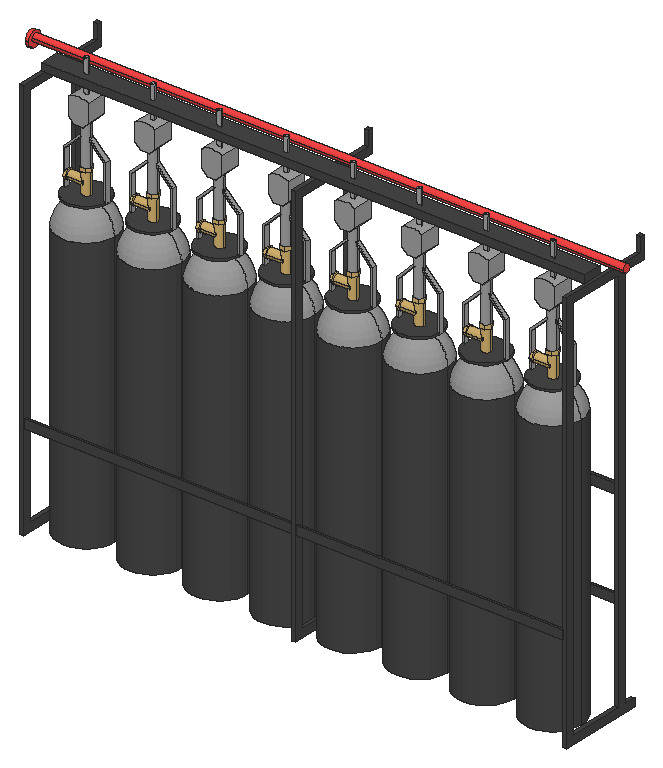
Revit family "Batería de cilindros con pesaje continuo de 67l en simple fila CO2_Aguilera Extincion", category Equipos especializados, Revit 2017
Family settings
  Anfitrión = Suelo
  Cota de conector redondo = Radio de uso
  Tipo de pieza = Normal
  Número OmniClass = 23.65.20.14.24
  Título OmniClass = Other Gas Storage Vessels
  Siempre vertical = Sí
  Corte con vacíos al cargar = No
  Compartido = No
  Punto de cálculo de habitación = No
Parameters (values of type "Batería 8 cilindros CO2 con pesaje continuo - 67 l")
  URL = "https://aguilera.es/?productos=baterias-con-botellas-en-una-fila-y-pesaje-continuo-co2"
  Símbolo texto = yes
  Símbolo = yes
  Rc2 = Radio colector * 2  # 38.1 mm
  Radio colector = Diámetro colector / 2  # 19.05 mm
  R = Diámetro / 2  # 133.5 mm
  Número soportes = 3
  Número de cilindros = 8
  Modelo = "AEX/SBP867"
  Lt1 = Lt * 0.9  # 2732.4 mm
  Lt = 3036 mm
  Lh = Lherraje / (Número soportes - 1)  # 1385 mm
  Lci = D2 + 40 mm  # 380 mm
  Lherraje = 2770 mm
  Lc = 340 mm  # constant formula
  Ht = Hc + Diámetro colector  # 2095.1 mm
  Hd = 1600 mm  # constant formula
  H2 = Hc / 2  # 1028.5 mm
  H1 = Hc / 4  # 514.25 mm
  Fabricante = "Aguilera Extinción"  # constant formula
  Diámetro colector = 38.1 mm
  Descripción = "Batería de alta presión formada por cilindros de 67L de capacidad cada uno. Fabricados en acero tratado térmicamente, sin soldadura (según instrucción MIE AP7 de aparatos a presión y Directiva Europea 84/525/CEE). Presión de trabajo 42 bar. Presión de prueba 250 bar, temperatura de servicio de -20ºC a +50ºC. Grabados y pintados en color rojo (RAL 3002). Equipados con válvula principal con apertura neumática a través del cabezal, válvulas antirretorno, latiguillos para el accionamiento neumático de disparo y latiguillos de descarga. Ensamblados en bastidor metálico especial para pesaje continuo, colector de descarga con brida de acoplamiento a la instalación y válvula de descompresión.\r\n\r\nEl peso de cada cilindro se controla individualmente por un equipo analógico patentado Mod. AEX/CPC. Unidad programable que detecta la perdida de peso desde 200 gramos formada básicamente por: célula electrónica, microprocesador y display digital que refleja el peso permanentemente. Se suministra con tensor, que permite elevar el cilindro fácilmente, conectores con latiguillos montados para su conexión y resto de complementos."  # constant formula
  Diámetro = 267 mm
  Hc = 2057 mm  # constant formula
  D2 = 340 mm  # constant formula
  Comentarios de tipo = "Observaciones:\r\n\r\nA. Hasta 9 cilindros, el disparo neumático de la batería se realiza convirtiendo a uno de los cilindros en cilindro piloto, para lo cual, se dota a su válvula con solenoide de disparo automático y palanca para el disparo manual.\r\nB. A partir de 10 cilindros, las baterías van equipadas con un botellín piloto de disparo que está formado por: un cilindro de 5L cargado con CO2, provisto con sistema de pesaje continuo, válvula principal de 1”, solenoide a 24V para el disparo automático y palanca para el disparo manual.\r\nC. El importe de los sistemas de disparo, descritos en el punto A y B, han sido incluidos en los precios de las baterías."  # constant formula
  Cilindro = Cilindro autonomo CO2 con pesaje continuo_Aguilera Extincion : Cilindro autónomo CO2 con pesaje continuo - 67 l
Types (14, lengths in mm): name | Rc2 | Radio colector | Número soportes | Número de cilindros | Modelo | Lt1 | Lt | Lh | Lherraje | Ht | Diámetro colector
  (no name) | 38.1 | 19.05 | 3 | 8 | "AEX/SBP867" | 2732.4 | 3036 | 1385 | 2770 | 2095.1 | 38.1
  Batería 2 cilindros CO2 con pesaje continuo - 67 l | 19.1 | 9.55 | 2 | 2 | "AEX/SBP267" | 896.4 | 996 | 730 | 730 | 2076.1 | 19.1
  Batería 3 cilindros CO2 con pesaje continuo - 67 l | 25.4 | 12.7 | 2 | 3 | "AEX/SBP367" | 1202.4 | 1336 | 1070 | 1070 | 2082.4 | 25.4
  Batería 4 cilindros CO2 con pesaje continuo - 67 l | 31.8 | 15.9 | 2 | 4 | "AEX/SBP467" | 1508.4 | 1676 | 1410 | 1410 | 2088.8 | 31.8
  Batería 5 cilindros CO2 con pesaje continuo - 67 l | 31.8 | 15.9 | 2 | 5 | "AEX/SBP567" | 1814.4 | 2016 | 1750 | 1750 | 2088.8 | 31.8
  Batería 6 cilindros CO2 con pesaje continuo - 67 l | 31.8 | 15.9 | 3 | 6 | "AEX/SBP667" | 2120.4 | 2356 | 1045 | 2090 | 2088.8 | 31.8
  Batería 7 cilindros CO2 con pesaje continuo - 67 l | 38.1 | 19.05 | 2 | 7 | "AEX/SBP767" | 2426.4 | 2696 | 2430 | 2430 | 2095.1 | 38.1
  Batería 8 cilindros CO2 con pesaje continuo - 67 l | 38.1 | 19.05 | 3 | 8 | "AEX/SBP867" | 2732.4 | 3036 | 1385 | 2770 | 2095.1 | 38.1
  Batería 9 cilindros CO2 con pesaje continuo - 67 l | 50.8 | 25.4 | 4 | 9 | "AEX/SBP967" | 3041.1 | 3379 | 1033.333 | 3100 | 2107.8 | 50.8
  Batería 10 cilindros CO2 con pesaje continuo - 67 l | 50.8 | 25.4 | 3 | 10 | "AEX/SBP1067" | 3347.1 | 3719 | 1725 | 3450 | 2107.8 | 50.8
  Batería 11 cilindros CO2 con pesaje continuo - 67 l | 50.8 | 25.4 | 4 | 11 | "AEX/SBP1167" | 3653.1 | 4059 | 1263.333 | 3790 | 2107.8 | 50.8
  Batería 12 cilindros CO2 con pesaje continuo - 67 l | 50.8 | 25.4 | 5 | 12 | "AEX/SBP1267" | 3959.1 | 4399 | 1032.5 | 4130 | 2107.8 | 50.8
  Batería 13 cilindros CO2 con pesaje continuo - 67 l | 50.8 | 25.4 | 5 | 13 | "AEX/SBP1367" | 4265.1 | 4739 | 1117.5 | 4470 | 2107.8 | 50.8
  Batería 14 cilindros CO2 con pesaje continuo - 67 l | 63.5 | 31.75 | 3 | 14 | "AEX/SBP1467" | 4663.8 | 5182 | 2405 | 4810 | 2120.5 | 63.5
Reference planes
  plane 1 "Centro (Frontal/Posterior)": y = 0
  plane 2: z = 0
  plane 3 "Centro (Izquierda/Derecha)": x = 0
  plane 4: y = 133.5
  plane 5: z = 514.25
  plane 6: z = 1028.5
  plane 7: z = 1395
  plane 8: z = 1533.58
  plane 9: z = 1600
  plane 10: z = 2057
  plane 11: z = 2095.1
  plane 12: x = -600
  plane 13: x = 2436
  plane 14: y = 153.5
  plane 15: x = -410
  plane 16: y = 124
  plane 17: z = 2075.1
Forms (mm)
  Extrusion 1, solid, material "Acero rojo"
    sketch origin (0, 0, 0) x (0, 1, 0) y (0, 0, 1)
      loop
        circle (124, 2076.05) r 19.05
    from -600 to 2436
  Extrusion 2, solid, material "Acero rojo"
    sketch origin (0, 0, 0) x (0, 1, 0) y (0, 0, 1)
      loop
        circle (124, 2066.1) r 38.1
    from -600 to -582.73
  Extrusion 3, solid, material "Acero negro", detail levels medium+fine
    sketch origin (-410, -6000, 2490.948) x (0, 0, 1) y (0, -1, 0)
      loop
        line (-1502.382, -6174.484) -> (-1502.382, -6186) -> (-1449.787, -6186) -> (-1449.787, -6174.484) -> (-1502.382, -6174.484)
      loop
        line (-1997.675, -6172.815) -> (-1997.675, -6186) -> (-1955.81, -6186) -> (-1955.81, -6172.815) -> (-1997.675, -6172.815)
      loop
        line (-2000.779, -5814) -> (-2000.779, -5824) -> (-1955.779, -5824) -> (-1955.779, -5814) -> (-2000.779, -5814)
    from 0 to 2770 <- "Lherraje"
  Extrusion 4, solid, material "Acero negro", detail levels medium+fine
    sketch origin (-410, -6000, 2490.948) x (0, 0, 1) y (0, -1, 0)
      loop
        line (-433.948, -5950.468) -> (-433.948, -6049.532) -> (-395.848, -6049.532) -> (-395.848, -5950.468) -> (-433.948, -5950.468)
    from 0 to 2770 <- "Lherraje"
Dimensions and locks
  "H1": plane 5 to plane 2
  "H2": plane 6 to plane 2
  "Hd": plane 9 to plane 2
  "Hc": plane 10 to plane 2
  locked: plane 9 to plane 8 at 66.42
  locked: plane 9 to plane 7 at 205
  "R": plane 1 "Centro (Frontal/Posterior)" to plane 4
  "Lt": plane 13 to plane 12
  "Ht": plane 11 to plane 2
  locked: plane 11 to plane 17 at 20
  "Ht": Extrusion 1 sketch curve to plane 2
  equal spacing: group 1, group 2, group 5, group 6, group 7, group 8, group 9, group 10  (x3)
  "D2": nested 1 to nested 2
  "Lci": nested 1 to plane 12
  equal spacing: group 3, group 4, group 11  (x3)
  "Lh": nested 4 to nested 5
  locked: nested 4 to plane 16 at 180
  equal spacing: Extrusion 4 sketch curve, nested 12, Extrusion 4 sketch curve
  locked: Extrusion 4 sketch curve to Extrusion 4 sketch curve at 99.064
  "Radio colector": radius of Extrusion 1 sketch curve
  "Rc2": radius of Extrusion 2 sketch curve
  aligned and locked: level to plane 2
  aligned and locked: Extrusion 1 to plane 12
  aligned and locked: plane 13 to Extrusion 1
  aligned and locked: Extrusion 2 to plane 12
  aligned and locked: plane 15 to Extrusion 3
  aligned and locked: Extrusion 4 sketch curve to plane 10
  aligned and locked: plane 11 to Extrusion 4 sketch curve
Automatic sketch dimensions
  Extrusion 3 sketch curve to plane 5 = 24.081 mm
  Extrusion 3 sketch curve to plane 5 = 20.977 mm
  plane 5 to Extrusion 3 sketch curve = 20.888 mm
  plane 5 to Extrusion 3 sketch curve = 20.919 mm
  Extrusion 3 sketch curve to plane 6 = 39.934 mm
  plane 6 to Extrusion 3 sketch curve = 12.661 mm
  plane 14 to Extrusion 3 sketch curve = 32.5 mm  (x2)
  Extrusion 3 sketch curve to Extrusion 3 sketch curve = 11.516 mm
  Extrusion 3 sketch curve to Extrusion 3 sketch curve = 13.185 mm
  plane 1 "Centro (Frontal/Posterior)" to Extrusion 3 sketch curve = 176 mm
  Extrusion 3 sketch curve to Extrusion 3 sketch curve = 10 mm
  Extrusion 1 sketch curve to plane 16 = 0 mm
  Extrusion 2 sketch curve to plane 16 = 0 mm
  plane 10 to Extrusion 2 sketch curve = 9.1 mm
Nested families
  nested 1: "Cilindro autonomo CO2 con pesaje continuo_Aguilera Extincion" at (-220, 0, 0), type <- "Cilindro", type "Cilindro autónomo CO2 con pesaje continuo - 67 l"
  nested 2: "Cilindro autonomo CO2 con pesaje continuo_Aguilera Extincion" at (120, 0, 0), type <- "Cilindro", type "Cilindro autónomo CO2 con pesaje continuo - 67 l"
  nested 3: "S_Cilindros_Aguilera Extinción" at (0, 0, 0), visible <- "Símbolo", type "S_Cilindros_Aguilera Extinción", detail levels coarse
  nested 4: "Soporte suelo - pesaje" at (-410, 0, 0), type "Soporte suelo - pesaje", detail levels medium+fine
    with L1 490 mm, Ht 2057 mm, D 292 mm
  nested 5: "Soporte suelo - pesaje" at (975, 0, 0), type "Soporte suelo - pesaje", detail levels medium+fine
    with L1 490 mm, Ht 2057 mm, D 292 mm
  nested 6: "Cilindro autonomo CO2 con pesaje continuo_Aguilera Extincion" at (460, 0, 0), type <- "Cilindro", type "Cilindro autónomo CO2 con pesaje continuo - 67 l"
  nested 7: "Cilindro autonomo CO2 con pesaje continuo_Aguilera Extincion" at (800, 0, 0), type <- "Cilindro", type "Cilindro autónomo CO2 con pesaje continuo - 67 l"
  nested 8: "Cilindro autonomo CO2 con pesaje continuo_Aguilera Extincion" at (1140, 0, 0), type <- "Cilindro", type "Cilindro autónomo CO2 con pesaje continuo - 67 l"
  nested 9: "Cilindro autonomo CO2 con pesaje continuo_Aguilera Extincion" at (1480, 0, 0), type <- "Cilindro", type "Cilindro autónomo CO2 con pesaje continuo - 67 l"
  nested 10: "Cilindro autonomo CO2 con pesaje continuo_Aguilera Extincion" at (1820, 0, 0), type <- "Cilindro", type "Cilindro autónomo CO2 con pesaje continuo - 67 l"
  nested 11: "Cilindro autonomo CO2 con pesaje continuo_Aguilera Extincion" at (2160, 0, 0), type <- "Cilindro", type "Cilindro autónomo CO2 con pesaje continuo - 67 l"
  nested 12: "Soporte suelo - pesaje" at (2360, 0, 0), type "Soporte suelo - pesaje", detail levels medium+fine
    with L1 490 mm, Ht 2057 mm, D 292 mm
Connectors
  piping at (-600, 124, 2076.05), diameter 38.1, driven by "Radio colector"
    settings: on Extrusion 1, index 1, connector inside diameter 609.6 mm, connector length 0 mm, flow factor 0, pipe flow 0.0 L/s, pressure drop 0.0 Pa, fitting loss kfactor 0, connector angle 0.00°, fixture units 0, engagement length 0 mm, angle of deflection 0.00°, flow configuration 0, flow direction 0, fitting loss method 0, system type 28, joint type 0, gender type 0, connector reference index -1, connector utility 0, adjustable connector no, is connector primary yes, connector description ""
Definition of nested family "Cilindro autonomo CO2 con pesaje continuo_Aguilera Extincion"
  Parameters (values of type "Cilindro autónomo CO2 con pesaje continuo - 80 l")
    URL = "https://aguilera.es/?productos=botellas-autonomas-de-4-7-a-80-l-con-pesaje-continuo-para-co2"
    Símbolo texto = yes
    Símbolo = yes
    R3 = R2 * 0.2  # 21.9 mm
    R2 = R * 0.75  # 109.5 mm
    R = Diámetro / 2  # 146 mm
    Model = "AEX/SBP180"
    L2 = 440 mm
    L1 = Diámetro * 1.75  # 511 mm
    Ht = 2337 mm
    Soporte individual = yes
    Hd = 1777 mm
    Hc2 = Hb / 2  # 913.5 mm
    Hc1 = Hb / 4  # 456.75 mm
    Ht1 = Ht - 40 mm  # 2297 mm
    Manufacturer = "Aguilera Extinción"  # constant formula
    Description = "Cilindro de alta presión, fabricado en acero aleado tratado térmicamente sin soldadura, (según instrucción MIE AP7 de aparatos a presión y Directiva Europea 84/525/CEE). Presión de trabajo 60 bar, presión de prueba 250 bar, temperatura de servicio de -20ºC a +50ºC. Grabados y pintados según normativa."  # constant formula
    Diámetro = 292 mm
    Hb = 1827 mm
    D2 = Diámetro + 70 mm  # 362 mm
    Type Comments = "Equipados con:\r\n\r\nVálvula principal AE-100 de 1” fabricada en latón forjado con pistón y eje de acero inoxidable. Provista con disco de seguridad y válvula de alivio para evitar el disparo en caso de pequeñas fugas.\r\nTubo sifón.\r\nSolenoide de disparo (alimentación 24V y 500mA de consumo)\r\nBrida.\r\nCaperuzo protector.\r\nEquipo microprocesado de pesaje continuo, donde el peso de cada cilindro se controla individualmente por un equipo analógico Mod. AEX/CPC. Unidad programable que detecta la perdida de peso desde 200 gramos formada básicamente por célula electrónica, microprocesador y display digital que refleja el peso permanentemente. Se suministra con tensor, que permite elevar la botella fácilmente, conectores con latiguillos montados para su conexión y resto de complementos.\r\nEnsamblados en bastidor metálico especial para pesaje continuo y colector de descarga con rosca de acoplamiento a la instalación.\r\nObservaciones:\r\n\r\nCada cilindro dispone de los correspondientes certificados emitidos por la Consejería de Industria y se encuentra a disposición de los clientes en nuestros archivos."  # constant formula
  Types (5, lengths in mm): name | R3 | R2 | R | Model | L2 | L1 | Ht | Soporte individual | Hd | Hc2 | Hc1 | Ht1 | Diámetro | Hb | D2
    Cilindro autónomo CO2 con pesaje continuo - 6.7 l | 9.75 | 48.75 | 65 | "AEX/SBP16" | 410 | 227.5 | 1117 | no | 700 | 375 | 187.5 | 1077 | 130 | 750 | 200
    Cilindro autónomo CO2 con pesaje continuo - 13.4 l | 14.85 | 74.25 | 99 | "AEX/SBP113" | 410 | 346.5 | 1637 | no | 1100 | 575 | 287.5 | 1597 | 198 | 1150 | 268
    Cilindro autónomo CO2 con pesaje continuo - 26.8 l | 19.125 | 95.625 | 127.5 | "AEX/SBP126" | 410 | 446.25 | 1407 | no | 1000 | 525 | 262.5 | 1367 | 255 | 1050 | 325
    Cilindro autónomo CO2 con pesaje continuo - 67 l | 21.9 | 109.5 | 146 | "AEX/SBP167" | 440 | 511 | 2057 | no | 1600 | 825 | 412.5 | 2017 | 292 | 1650 | 362
    Cilindro autónomo CO2 con pesaje continuo - 80 l | 21.9 | 109.5 | 146 | "AEX/SBP180" | 440 | 511 | 2337 | yes | 1777 | 913.5 | 456.75 | 2297 | 292 | 1827 | 362
  Reference planes
    plane 1 "Centro (Frontal/Posterior)": y = 0
    plane 2: z = 0
    plane 3 "Centro (Izquierda/Derecha)": x = 0
    plane 4: z = 456.75
    plane 5: z = 913.5
    plane 6: z = 1572
    plane 7: z = 1710.58
    plane 8: z = 1777
    plane 9: z = 1827
    plane 10: x = -146
    plane 11: x = 146
    plane 12: z = 2337
    plane 13: x = -220
    plane 14: x = 220
    plane 15: z = 2297
    plane 16: y = -166
    plane 17: y = -181
    plane 18: z = 933.5
    plane 19: z = 893.5
    plane 20: z = 476.75
    plane 21: z = 436.75
    plane 22: y = -141
    plane 23: x = 200
    plane 24: x = -200
    plane 25: y = 166
    plane 26: y = 181
  Forms (mm)
    Extrusion 1, solid
      sketch origin (0, 0, 0) x (1, 0, 0) y (0, 1, 0)
        loop
          circle (0, 0) r 146
      from 0 to 1572
    Extrusion 2, solid
      sketch origin (-745.59, -6000, 1710.58) x (-1, 0, 0) y (0, -1, 0)
        loop
          circle (-745.59, -6000) r 21.9
      from 0 to 116.42
    Extrusion 3, solid, detail levels fine
      sketch origin (-8.75, 0, 0) x (0, 1, 0) y (0, 0, 1)
        loop
          line (13.01, 1799.534) -> (-13.01, 1799.534) -> (-26.02, 1777) -> (-13.01, 1754.466) -> (13.01, 1754.466) -> (26.02, 1777) -> (13.01, 1799.534)
      from -76.574 to -90.75
    Extrusion 4, solid, detail levels fine
      sketch origin (-99.5, 0, 0) x (0, -1, 0) y (0, 0, 1)
        loop
          circle (0, 1777) r 21.9
      from -99.5 to -14.176
    Revolve 5, solid
      sketch origin (0, 0, 0) x (1, 0, 0) y (0, 0, 1)
        loop
          line (-146, 1572) -> (0, 1572) -> (0, 1710.58) -> (-40, 1710.58)
          arc (-40, 1710.58) -> (-112.105, 1655.903) -> (-146, 1572) r 170.221
        axis (0, 1710.58) -> (0, 1572)
      angle from 0 to 360
    Extrusion 6, solid, detail levels fine
      sketch origin (-745.59, -6000, 1827) x (-1, 0, 0) y (0, -1, 0)
        loop
          line (-731.103, -6024.486) -> (-717.13, -5999.716) -> (-731.594, -5975.23) -> (-760.032, -5975.514) -> (-773.633, -5999.624) -> (-759.279, -6024.486) -> (-731.103, -6024.486)
      from 0 to 20
    Extrusion 7, solid, detail levels fine
      sketch origin (-745.59, -6000, 1710.58) x (-1, 0, 0) y (0, -1, 0)
        loop
          circle (-745.59, -5998.341) r 109.5
      from 0 to 10
    Extrusion 8, solid, visible <- "Soporte individual", detail levels medium+fine
      sketch origin (-220, -6000, 1804.934) x (0, 0, 1) y (0, -1, 0)
        loop
          line (492.066, -5964) -> (492.066, -6036) -> (532.066, -6036) -> (532.066, -5964) -> (492.066, -5964)
      from 0 to 440
    Extrusion 9, solid, visible <- "Soporte individual", detail levels medium+fine
      sketch origin (-220, 6000, 1804.934) x (0, 0, 1) y (0, -1, 0)
        loop
          line (-911.434, 6166) -> (-871.434, 6166) -> (-871.434, 6181) -> (-911.434, 6181) -> (-911.434, 6166)
      from 20 to 420
    Extrusion 10, solid, visible <- "Soporte individual", detail levels medium+fine
      sketch origin (-220, 6000, 1348.184) x (0, 0, 1) y (0, -1, 0)
        loop
          line (-911.434, 6166) -> (-871.434, 6166) -> (-871.434, 6181) -> (-911.434, 6181) -> (-911.434, 6166)
      from 20 to 420
    Extrusion 11, solid, visible <- "Soporte individual", detail levels medium+fine
      sketch origin (-220, 6185, 1804.934) x (0, 0, 1) y (0, -1, 0)
        loop
          line (-911.434, 6004) -> (-871.434, 6004) -> (-871.434, 6019) -> (-911.434, 6019) -> (-911.434, 6004)
      from 20 to 420
    Extrusion 12, solid, visible <- "Soporte individual", detail levels medium+fine
      sketch origin (-220, 6185, 1348.184) x (0, 0, 1) y (0, -1, 0)
        loop
          line (-911.434, 6004) -> (-871.434, 6004) -> (-871.434, 6019) -> (-911.434, 6019) -> (-911.434, 6004)
      from 20 to 420
    Extrusion 13, solid, detail levels fine
      sketch origin (0, 0, 0) x (1, 0, 0) y (0, 0, 1)
        loop
          line (-109.5, 1710.58) -> (-99.5, 1710.58) -> (-99.5, 1896.44) -> (0, 1995.94) -> (99.5, 1896.44) -> (99.5, 1710.58) -> (109.5, 1710.58) -> (109.5, 1900.598) -> (0, 2010.089) -> (-109.5, 1900.58) -> (-109.5, 1710.58)
      from -10 to 10
    Revolve 14, solid, detail levels fine
      sketch origin (0, 0, 0) x (1, 0, 0) y (0, 0, 1)
        loop
          line (-0.458, 1847) -> (-0.458, 2151.932) -> (-22.358, 2151.932) -> (-22.358, 1847) -> (-0.458, 1847)
        axis (0, 1847) -> (0, 2151.932)
      angle from 0 to 360
    Extrusion 15, solid, detail levels fine
      sketch origin (0, 0, 0) x (1, 0, 0) y (0, 0, 1)
        loop
          line (-22.358, 2151.932) -> (22.358, 2151.932) -> (50.643, 2180.216) -> (50.643, 2270.216)
          arc (50.643, 2270.216) -> (0, 2284.288) -> (-50.643, 2270.216) r 98.162
          line (-50.643, 2270.216) -> (-50.643, 2180.216) -> (-22.358, 2151.932)
      from -50 to 50
    Revolve 16, solid, detail levels fine
      sketch origin (0, 0, 0) x (1, 0, 0) y (0, 0, 1)
        loop
          line (0, 2212.562) -> (0, 2443) -> (-10, 2443) -> (-10, 2212.562) -> (0, 2212.562)
        axis (0, 2212.562) -> (0, 2443)
      angle from 0 to 360
  Lines and regions (mm)
    symbolic lines
      curve 1: line (0, 240, 0) -> (0, 247, 0)
      curve 2: line (-25, 287, 0) -> (25, 287, 0)
      curve 3: circle (0, 287, 0) r 15 normal (0, 0, 1)
  Dimensions and locks
    "Hc1": plane 4 to plane 2
    "Hc2": plane 5 to plane 2
    "Hd": plane 8 to plane 2
    "Hb": plane 9 to plane 2
    equal spacing: plane 10, plane 3 "Centro (Izquierda/Derecha)", plane 11
    "Diámetro": plane 10 to plane 11
    locked: plane 8 to plane 7 at 66.42
    locked: plane 8 to plane 6 at 205
    "Ht": plane 12 to plane 2
    equal spacing: plane 14, plane 3 "Centro (Izquierda/Derecha)", plane 13
    "L2": plane 14 to plane 13
    locked: plane 12 to plane 15 at 40
    locked: plane 17 to plane 16 at 15
    equal spacing: Extrusion 8 sketch curve, plane 1 "Centro (Frontal/Posterior)", Extrusion 8 sketch curve
    equal spacing: plane 18, plane 5, plane 19
    equal spacing: plane 20, plane 4, plane 21
    locked: plane 18 to plane 19 at 40
    locked: plane 20 to plane 21 at 40
    locked: plane 17 to plane 22 at 40
    locked: plane 23 to plane 14 at 20
    locked: plane 13 to plane 24 at 20
    locked: plane 26 to plane 25 at 15
    "D2": plane 26 to plane 17
    equal spacing: plane 26, plane 1 "Centro (Frontal/Posterior)", plane 17
    Extrusion 8 sketch curve to Extrusion 8 sketch curve = 72 mm
    locked: Extrusion 13 sketch curve to Extrusion 13 sketch curve at 10  (x2)
    "R2": Extrusion 13 sketch curve to plane 3 "Centro (Izquierda/Derecha)"
    "R3": Revolve 14 sketch curve to Revolve 14 sketch curve
    locked: Revolve 16 sketch curve to Extrusion 8 at 106
    "Diámetro": diameter of Extrusion 1 sketch curve
    "R2": radius of Extrusion 7 sketch curve
    "R3": radius of Extrusion 2 sketch curve
    "R3": radius of Extrusion 4 sketch curve
    aligned and locked: level to plane 2
    aligned and locked: plane 6 to Extrusion 1
    aligned and locked: plane 9 to Extrusion 2
    aligned and locked: Extrusion 2 to plane 7
    aligned and locked: plane 3 "Centro (Izquierda/Derecha)" to Extrusion 4
    aligned and locked: Revolve 5 sketch curve to plane 3 "Centro (Izquierda/Derecha)"  (x2)
    aligned and locked: Revolve 5 sketch curve to plane 6
    aligned and locked: plane 7 to Revolve 5 sketch curve
    aligned and locked: Extrusion 8 sketch curve to plane 15
    aligned and locked: plane 12 to Extrusion 8 sketch curve
    aligned and locked: plane 14 to Extrusion 8
    aligned and locked: plane 18 to Extrusion 9
    aligned and locked: plane 19 to Extrusion 9
    aligned and locked: plane 23 to nested 3
    aligned and locked: nested 3 to Extrusion 9
    aligned and locked: Extrusion 9 to Extrusion 10
    aligned and locked: plane 13 to nested 2
    aligned and locked: plane 23 to Extrusion 9
    aligned and locked: Extrusion 9 to nested 2
    aligned and locked: Extrusion 10 to Extrusion 9
    aligned and locked: Extrusion 10 to nested 2
    aligned and locked: Extrusion 11 to Extrusion 12
    aligned and locked: Extrusion 12 to Extrusion 11
    aligned and locked: Extrusion 11 to nested 2
    aligned and locked: Extrusion 11 to plane 25
    aligned and locked: plane 26 to Extrusion 11
    aligned and locked: Extrusion 9 to Extrusion 11
    aligned and locked: Extrusion 12 to nested 2
    aligned and locked: Extrusion 12 to plane 25
    aligned and locked: plane 26 to Extrusion 12
    aligned and locked: nested 3 to Extrusion 12
    aligned and locked: Extrusion 13 sketch curve to Extrusion 7
    aligned and locked: Extrusion 13 sketch curve to plane 7
    aligned and locked: plane 7 to Extrusion 13 sketch curve
    aligned and locked: Extrusion 6 to Revolve 14 sketch curve
    aligned and locked: plane 3 "Centro (Izquierda/Derecha)" to Revolve 14 sketch curve
    aligned and locked: Extrusion 3 to Extrusion 13
    aligned and locked: Extrusion 3 to Extrusion 4
    aligned and locked: Extrusion 15 sketch curve to Revolve 14
    aligned and locked: Revolve 16 sketch curve to plane 3 "Centro (Izquierda/Derecha)"
    aligned and locked: plane 3 "Centro (Izquierda/Derecha)" to Revolve 16 sketch curve
  Automatic sketch dimensions
    Extrusion 3 sketch curve to plane 8 = 0 mm  (x2)
    plane 1 "Centro (Frontal/Posterior)" to Extrusion 3 sketch curve = 26.02 mm
    plane 1 "Centro (Frontal/Posterior)" to Extrusion 3 sketch curve = 13.01 mm  (x2)
    Extrusion 3 sketch curve to plane 1 "Centro (Frontal/Posterior)" = 13.01 mm  (x2)
    Extrusion 3 sketch curve to Extrusion 3 sketch curve = 13.01 mm
    Extrusion 3 sketch curve to plane 8 = 22.534 mm
    plane 8 to Extrusion 3 sketch curve = 22.534 mm
    Extrusion 10 sketch curve to plane 17 = 0 mm
    plane 21 to Extrusion 10 sketch curve = 0 mm
    Extrusion 10 sketch curve to plane 16 = 0 mm
    Extrusion 10 sketch curve to plane 20 = 0 mm
    curve 1 to plane 3 "Centro (Izquierda/Derecha)" = 0 mm
    curve 3 to plane 3 "Centro (Izquierda/Derecha)" = 0 mm
    plane 26 to curve 3 = 106 mm
    curve 2 to plane 3 "Centro (Izquierda/Derecha)" = 25 mm
    plane 3 "Centro (Izquierda/Derecha)" to curve 2 = 25 mm
    curve 3 to curve 2 = 0 mm
    curve 1 to curve 3 = 40 mm
    curve 1 to curve 1 = 7 mm
    plane 1 "Centro (Frontal/Posterior)" to Extrusion 6 sketch curve = 0.376 mm
    plane 3 "Centro (Izquierda/Derecha)" to Extrusion 6 sketch curve = 28.043 mm
    plane 3 "Centro (Izquierda/Derecha)" to Extrusion 6 sketch curve = 14.443 mm
    plane 3 "Centro (Izquierda/Derecha)" to Extrusion 6 sketch curve = 13.689 mm
    Extrusion 6 sketch curve to plane 3 "Centro (Izquierda/Derecha)" = 13.995 mm
    Extrusion 6 sketch curve to plane 3 "Centro (Izquierda/Derecha)" = 14.487 mm
    plane 1 "Centro (Frontal/Posterior)" to Extrusion 6 sketch curve = 0.284 mm
    Extrusion 6 sketch curve to Extrusion 6 sketch curve = 13.973 mm
    Extrusion 6 sketch curve to plane 1 "Centro (Frontal/Posterior)" = 24.486 mm
    plane 1 "Centro (Frontal/Posterior)" to Extrusion 6 sketch curve = 24.486 mm
    plane 1 "Centro (Frontal/Posterior)" to Extrusion 6 sketch curve = 24.77 mm
    Extrusion 9 sketch curve to plane 17 = 0 mm
    plane 19 to Extrusion 9 sketch curve = 0 mm
    Extrusion 9 sketch curve to plane 16 = 0 mm
    Extrusion 9 sketch curve to plane 18 = 0 mm
    plane 19 to Extrusion 11 sketch curve = 0 mm
    Extrusion 11 sketch curve to plane 18 = 0 mm
    Extrusion 11 sketch curve to plane 26 = 0 mm
    Extrusion 11 sketch curve to plane 25 = 0 mm
    plane 21 to Extrusion 12 sketch curve = 0 mm
    Extrusion 12 sketch curve to plane 20 = 0 mm
    Extrusion 12 sketch curve to plane 26 = 0 mm
    Extrusion 12 sketch curve to plane 25 = 0 mm
    Extrusion 15 sketch curve to plane 3 "Centro (Izquierda/Derecha)" = 0 mm
    Extrusion 15 sketch curve to plane 3 "Centro (Izquierda/Derecha)" = 22.358 mm
    Extrusion 15 sketch curve to Extrusion 15 sketch curve = 28.284 mm  (x4)
    plane 3 "Centro (Izquierda/Derecha)" to Extrusion 15 sketch curve = 22.358 mm
    Extrusion 15 sketch curve to Extrusion 15 sketch curve = 34.194 mm
    Extrusion 15 sketch curve to Extrusion 15 sketch curve = 90 mm
    Revolve 16 sketch curve to plane 3 "Centro (Izquierda/Derecha)" = 10 mm
    Revolve 16 sketch curve to plane 15 = 84.438 mm
    Revolve 16 sketch curve to Revolve 16 sketch curve = 78.622 mm
    Revolve 16 sketch curve to Revolve 16 sketch curve = 230.94 mm
    plane 1 "Centro (Frontal/Posterior)" to Extrusion 1 sketch curve = 0 mm
    Extrusion 1 sketch curve to plane 3 "Centro (Izquierda/Derecha)" = 0 mm
    plane 1 "Centro (Frontal/Posterior)" to Extrusion 2 sketch curve = 0 mm
    Extrusion 2 sketch curve to plane 3 "Centro (Izquierda/Derecha)" = 0 mm
    Extrusion 4 sketch curve to Extrusion 3 = 22.534 mm  (x2)
    plane 10 to Revolve 5 sketch curve = 0 mm
    Revolve 5 sketch curve to plane 3 "Centro (Izquierda/Derecha)" = 40 mm
    Revolve 5 sketch curve to plane 6 = 19.514 mm
    Revolve 5 sketch curve to Revolve 5 sketch curve = 1.762 mm
    plane 9 to Revolve 5 sketch curve = 47 mm
    Extrusion 7 sketch curve to plane 3 "Centro (Izquierda/Derecha)" = 0 mm
    plane 1 "Centro (Frontal/Posterior)" to Extrusion 7 sketch curve = 1.659 mm
    Extrusion 13 sketch curve to plane 3 "Centro (Izquierda/Derecha)" = 0 mm  (x2)
    plane 9 to Extrusion 13 sketch curve = 69.44 mm  (x2)
    Extrusion 13 sketch curve to Extrusion 13 sketch curve = 4.139 mm
    Extrusion 13 sketch curve to Extrusion 13 sketch curve = 4.157 mm
    Revolve 14 sketch curve to plane 3 "Centro (Izquierda/Derecha)" = 0.458 mm
    Revolve 14 sketch curve to plane 15 = 145.068 mm
    plane 9 to Revolve 14 sketch curve = 10 mm
    Revolve 14 sketch curve to plane 15 = 52 mm
    radius of curve 3 = 15 mm
  Nested families
    nested 1: "S_Cilindro_Aguilera Extinción" at (0, 0, 0), visible <- "Símbolo", type "S_Cilindro_Aguilera Extinción", detail levels coarse
    nested 2: "Soporte suelo - pesaje" at (-220, 0, 0), visible <- "Soporte individual", type "Soporte suelo - pesaje", detail levels medium+fine
      with L1 511 mm, Ht 2297 mm, D 292 mm
    nested 3: "Soporte suelo - pesaje" at (200, 0, 0), visible <- "Soporte individual", type "Soporte suelo - pesaje", detail levels medium+fine
      with L1 511 mm, Ht 2297 mm, D 292 mm
  Definition of nested family "Soporte suelo - pesaje"
    Parameters (values of type "Soporte suelo - pesaje")
      L1 = 227.5 mm
      Ht = 1117 mm
      D = 130 mm
    Reference planes
      plane 1 "Centro (Frontal/Posterior)": y = 0
      plane 2: z = 0
      plane 3 "Centro (Izquierda/Derecha)": x = 0
      plane 4: z = 1117
      plane 5: y = -65
      plane 6: y = -105
      plane 7: z = 1077
      plane 8: z = 40
      plane 9: y = 105
      plane 10: y = 65
      plane 11: y = 122.5
      plane 12: y = 113.75
    Forms (mm)
      Extrusion 1, solid, detail levels medium+fine
        sketch origin (0, 0, 0) x (0, 1, 0) y (0, 0, 1)
          loop
            line (113.75, 0) -> (113.75, 40) -> (105, 40) -> (105, 1077) -> (122.5, 1077) -> (122.5, 1192) -> (102.5, 1192) -> (102.5, 1117) -> (-105, 1117) -> (-105, 0) -> (113.75, 0)
          loop
            line (65, 40) -> (65, 1077) -> (-65, 1077) -> (-65, 40) -> (65, 40)
        from 0 to 20
    Lines and regions (mm)
      symbolic lines
        curve 1: line (0, 142.5, 0) -> (0, 102.5, 0)
        curve 2: line (-25, 122.5, 0) -> (25, 122.5, 0)
        curve 3: circle (0, 122.5, 0) r 15 normal (0, 0, 1)
    Dimensions and locks
      "Ht": plane 4 to plane 2
      locked: plane 8 to plane 2 at 40
      locked: plane 4 to plane 7 at 40
      "D": plane 10 to plane 5
      locked: plane 9 to plane 10 at 40
      locked: plane 5 to plane 6 at 40
      equal spacing: plane 10, plane 1 "Centro (Frontal/Posterior)", plane 5
      "L1": plane 11 to plane 6
      equal spacing: plane 11, plane 12, plane 9
      aligned and locked: level to plane 2
      aligned and locked: level to Extrusion 1 sketch curve
      aligned and locked: Extrusion 1 sketch curve to plane 6
      aligned and locked: Extrusion 1 sketch curve to plane 4
      aligned and locked: Extrusion 1 sketch curve to plane 8  (x2)
      aligned and locked: plane 5 to Extrusion 1 sketch curve
      aligned and locked: plane 7 to Extrusion 1 sketch curve
      aligned and locked: Extrusion 1 sketch curve to plane 10
      aligned and locked: Extrusion 1 sketch curve to plane 9
      aligned and locked: Extrusion 1 sketch curve to plane 7
      aligned and locked: Extrusion 1 sketch curve to plane 11
      aligned and locked: plane 12 to Extrusion 1 sketch curve
    Automatic sketch dimensions
      curve 2 to plane 1 "Centro (Frontal/Posterior)" = 122.5 mm
      curve 3 to plane 1 "Centro (Frontal/Posterior)" = 122.5 mm
      curve 3 to plane 3 "Centro (Izquierda/Derecha)" = 0 mm
      curve 1 to curve 3 = 0 mm
      curve 2 to curve 3 = 25 mm
      curve 3 to curve 2 = 25 mm
      curve 1 to plane 1 "Centro (Frontal/Posterior)" = 102.5 mm
      curve 1 to plane 1 "Centro (Frontal/Posterior)" = 142.5 mm
      plane 11 to Extrusion 1 sketch curve = 20 mm
      plane 4 to Extrusion 1 sketch curve = 75 mm
      radius of curve 3 = 15 mm
  Definition of nested family "S_Cilindro_Aguilera Extinción"
    Parameters (values of type "S_Cilindro_Aguilera Extinción")
      Texto símbolo = "Cilindros"
      Texto modelo = yes
      Modelo = "Cilindros"
    Reference planes
      plane 1: y = 0
      plane 2: x = 0
    Lines and regions (mm)
      detail lines
        curve 1: line (-1.703, -1.659, 0) -> (1.659, -1.659, 0)
        curve 2: line (-1.703, 1.659, 0) -> (-1.703, -1.659, 0)
        curve 3: line (1.659, 1.659, 0) -> (-1.703, 1.659, 0)
        curve 4: line (1.659, -1.659, 0) -> (1.659, 1.659, 0)
        curve 5: circle (0, 0, 0) r 1.659 normal (0, 0, 1)
    Text (mm)
      label "Texto símbolo" at (-0.164, 3.111, 0), shows "Texto símbolo"
      label "Modelo" at (-0.164, -2.652, 0), shows "Modelo", visible <- "Texto modelo"
Definition of nested family "Soporte suelo - pesaje"
  Parameters (values of type "Soporte suelo - pesaje")
    L1 = 227.5 mm
    Ht = 1117 mm
    D = 130 mm
  Reference planes
    plane 1 "Centro (Frontal/Posterior)": y = 0
    plane 2: z = 0
    plane 3 "Centro (Izquierda/Derecha)": x = 0
    plane 4: z = 1117
    plane 5: y = -65
    plane 6: y = -105
    plane 7: z = 1077
    plane 8: z = 40
    plane 9: y = 105
    plane 10: y = 65
    plane 11: y = 122.5
    plane 12: y = 113.75
  Forms (mm)
    Extrusion 1, solid, detail levels medium+fine
      sketch origin (0, 0, 0) x (0, 1, 0) y (0, 0, 1)
        loop
          line (113.75, 0) -> (113.75, 40) -> (105, 40) -> (105, 1077) -> (122.5, 1077) -> (122.5, 1192) -> (102.5, 1192) -> (102.5, 1117) -> (-105, 1117) -> (-105, 0) -> (113.75, 0)
        loop
          line (65, 40) -> (65, 1077) -> (-65, 1077) -> (-65, 40) -> (65, 40)
      from 0 to 20
  Lines and regions (mm)
    symbolic lines
      curve 1: line (0, 142.5, 0) -> (0, 102.5, 0)
      curve 2: line (-25, 122.5, 0) -> (25, 122.5, 0)
      curve 3: circle (0, 122.5, 0) r 15 normal (0, 0, 1)
  Dimensions and locks
    "Ht": plane 4 to plane 2
    locked: plane 8 to plane 2 at 40
    locked: plane 4 to plane 7 at 40
    "D": plane 10 to plane 5
    locked: plane 9 to plane 10 at 40
    locked: plane 5 to plane 6 at 40
    equal spacing: plane 10, plane 1 "Centro (Frontal/Posterior)", plane 5
    "L1": plane 11 to plane 6
    equal spacing: plane 11, plane 12, plane 9
    aligned and locked: level to plane 2
    aligned and locked: level to Extrusion 1 sketch curve
    aligned and locked: Extrusion 1 sketch curve to plane 6
    aligned and locked: Extrusion 1 sketch curve to plane 4
    aligned and locked: Extrusion 1 sketch curve to plane 8  (x2)
    aligned and locked: plane 5 to Extrusion 1 sketch curve
    aligned and locked: plane 7 to Extrusion 1 sketch curve
    aligned and locked: Extrusion 1 sketch curve to plane 10
    aligned and locked: Extrusion 1 sketch curve to plane 9
    aligned and locked: Extrusion 1 sketch curve to plane 7
    aligned and locked: Extrusion 1 sketch curve to plane 11
    aligned and locked: plane 12 to Extrusion 1 sketch curve
  Automatic sketch dimensions
    curve 2 to plane 1 "Centro (Frontal/Posterior)" = 122.5 mm
    curve 3 to plane 1 "Centro (Frontal/Posterior)" = 122.5 mm
    curve 3 to plane 3 "Centro (Izquierda/Derecha)" = 0 mm
    curve 1 to curve 3 = 0 mm
    curve 2 to curve 3 = 25 mm
    curve 3 to curve 2 = 25 mm
    curve 1 to plane 1 "Centro (Frontal/Posterior)" = 102.5 mm
    curve 1 to plane 1 "Centro (Frontal/Posterior)" = 142.5 mm
    plane 11 to Extrusion 1 sketch curve = 20 mm
    plane 4 to Extrusion 1 sketch curve = 75 mm
    radius of curve 3 = 15 mm
Definition of nested family "S_Cilindros_Aguilera Extinción"
  Parameters (values of type "S_Cilindros_Aguilera Extinción")
    Texto símbolo = "Cilindros"
    Texto modelo = yes
    Modelo = "Cilindros"
  Reference planes
    plane 1: y = 0
    plane 2: x = 0
  Lines and regions (mm)
    detail lines
      curve 1: line (-6.666, -1.659, 0) -> (6.654, -1.659, 0)
      curve 2: line (-6.666, 1.659, 0) -> (-6.666, -1.659, 0)
      curve 3: line (6.654, 1.659, 0) -> (-6.666, 1.659, 0)
      curve 4: line (6.654, -1.659, 0) -> (6.654, 1.659, 0)
      curve 5: circle (-4.976, 0, 0) r 1.659 normal (0, 0, 1)
      curve 6: circle (-1.659, 0, 0) r 1.659 normal (0, 0, 1)
      curve 7: circle (1.659, 0, 0) r 1.659 normal (0, 0, 1)
      curve 8: circle (4.976, 0, 0) r 1.659 normal (0, 0, 1)
  Text (mm)
    label "Texto símbolo" at (-0.164, 3.111, 0), shows "Texto símbolo"
    label "Modelo" at (-0.164, -2.652, 0), shows "Modelo", visible <- "Texto modelo"
